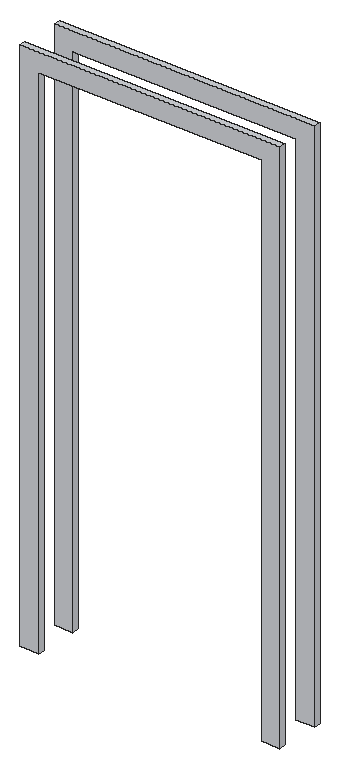
Revit family "BA Puerta", category Doors, host Wall, Revit 2024
Family settings
  Host = Wall
  OmniClass Number = 23.30.10.00
  OmniClass Title = Doors
  Always vertical = Yes
  Cut with Voids When Loaded = No
  Shared = No
  Room Calculation Point = No
Parameters (values of type "BA Puerta")
  Function = Interior
  Frame Projection Ext. = 25 mm
  Frame Projection Int. = 25 mm
  Frame Width = 75 mm
  Height = 2100 mm
  Wall Closure = By host
  Width = 900 mm
Reference planes
  plane 1: y = 0
  plane 2 "Center (Left/Right)": x = 0
  plane 3 "Left": x = -450
  plane 4 "Right": x = 450
  plane 5: z = 2100
  plane 6 "Exterior": y = 75
  plane 7 "Interior": y = -75
Forms (mm)
  Extrusion 1, solid
    sketch origin (-3050, -75, 0) x (1, 0, 0) y (0, 0, 1)
      loop
        line (2525, 0) -> (2600, 0) -> (2600, 2100) -> (3500, 2100) -> (3500, 0) -> (3575, 0) -> (3575, 2175) -> (2525, 2175) -> (2525, 0)
    from 0 to 25
  Extrusion 2, solid
    sketch origin (-3050, 75, 0) x (-1, 0, 0) y (0, 0, 1)
      loop
        line (-2600, 0) -> (-2525, 0) -> (-2525, 2175) -> (-3575, 2175) -> (-3575, 0) -> (-3500, 0) -> (-3500, 2100) -> (-2600, 2100) -> (-2600, 0)
    from 0 to 25
Lines and regions (mm)
  Opening 1
    outline origin (-3050, -75, 0) x (1, 0, 0) y (0, 0, 1)
      loop
        line (2600, 0) -> (3500, 0) -> (3500, 2100) -> (2600, 2100) -> (2600, 0)
  symbolic lines, style "Elevation Swing"
    curve 1: line (450, -75, 1050) -> (-450, -75, 2100)
    curve 2: line (450, -75, 1050) -> (-450, -75, 0)
Text (mm)
  text "Exterior" at (-1376.75, 1099.543, 0), in view "Ref. Level"
  text "Exterior" at (0, 1615.38, 3698.081), in view "Left"
  text "Exterior" at (0, 1036.032, 3874.932), in view "Right"
Dimensions and locks
  equal spacing: plane 3 "Left", plane 2 "Center (Left/Right)", plane 4 "Right"
  "Width": plane 3 "Left" to plane 4 "Right"
  "Height": plane 5 to host wall
  equal spacing: host wall, curve 2, plane 5
  host wall to plane 5 = 2100 mm
  "Frame Projection Ext.": Extrusion 2 to Extrusion 2
  "Frame Projection Int.": Extrusion 1 to Extrusion 1
  "Frame Width": plane 3 "Left" to Extrusion 1 sketch curve
  "Frame Width": plane 4 "Right" to Extrusion 1 sketch curve
  "Frame Width": Extrusion 1 sketch curve to plane 5
  "Frame Width": plane 4 "Right" to Extrusion 2 sketch curve
  "Frame Width": plane 3 "Left" to Extrusion 2 sketch curve
  "Frame Width": plane 5 to Extrusion 2 sketch curve
  locked: plane 6 "Exterior" to host wall
  locked: plane 7 "Interior" to host wall
  aligned and locked: plane 3 "Left" to Opening 1 sketch curve
  aligned and locked: plane 5 to Opening 1 sketch curve  (x2)
  aligned and locked: Opening 1 sketch curve to plane 4 "Right"
  aligned and locked: Opening 1 sketch curve to level
  aligned and locked: level to Extrusion 1 sketch curve
  aligned and locked: plane 5 to Extrusion 1 sketch curve  (x2)
  aligned and locked: Extrusion 1 sketch curve to plane 4 "Right"
  aligned and locked: plane 3 "Left" to Extrusion 1 sketch curve
  aligned and locked: plane 3 "Left" to Extrusion 2 sketch curve
  aligned and locked: plane 5 to Extrusion 2 sketch curve  (x2)
  aligned and locked: level to Extrusion 2 sketch curve
  aligned and locked: plane 5 to curve 1
  aligned and locked: plane 3 "Left" to curve 2
  aligned and locked: plane 1 to host wall
  aligned and locked: plane 3 "Left" to curve 1
Automatic sketch dimensions
  Extrusion 2 sketch curve to plane 4 "Right" = 0 mm
  Extrusion 1 sketch curve to level = 0 mm
  Extrusion 2 sketch curve to level = 0 mm
  plane 4 "Right" to curve 2 = 0 mm
  curve 2 to level = 0 mm
